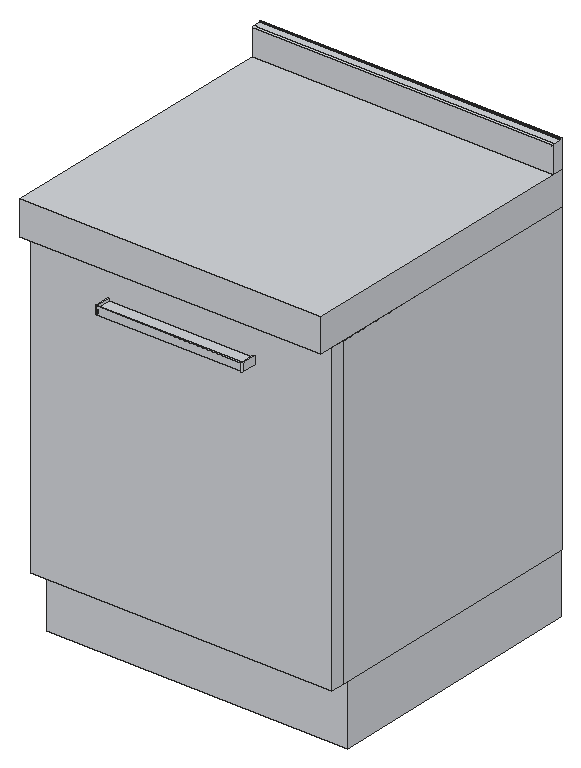
Revit family "RYN_FUR_BedCupboard", category Casework, Revit 2025
Family settings
  Work Plane-Based = No
  Always vertical = Yes
  Cut with Voids When Loaded = No
  Shared = No
  Room Calculation Point = No
Parameters (values of type "D900 x H600 x W450 mm")
  Top Material = none
  Material = none
  Handle Material = none
  Depth = 450 mm
  Height = 600 mm
  Width = 450 mm
  Default Elevation = 0 mm
  Assembly Code = "C1030400"
Reference planes
  plane 1 "Back": y = 0
  plane 2: z = 0
  plane 3 "Center (Left/Right)": x = 44.7
  plane 4 "Front": y = -450
  plane 5 "Left": x = -180.3
  plane 6 "Right": x = 269.7
  plane 7 "Top": z = 600
  plane 8: z = 90
  plane 9: z = 550
Forms (mm)
  Extrusion 1, solid
    sketch origin (0, 0, 0) x (1, 0, 0) y (0, 1, 0)
      loop
        line (-180.3, 0) -> (-180.3, -408) -> (-158.3, -408) -> (-158.3, -22) -> (247.7, -22) -> (247.7, -408) -> (269.7, -408) -> (269.7, 0) -> (-180.3, 0)
    from 90 to 550
  Extrusion 2, solid, material <- "Material"
    sketch origin (0, 0, 0) x (1, 0, 0) y (0, 1, 0)
      loop
        line (-180.3, -430) -> (269.7, -430) -> (269.7, -408) -> (-180.3, -408) -> (-180.3, -430)
    from 90 to 550
  Extrusion 3, solid, material <- "Top Material"
    sketch origin (0, 0, 600) x (0, -1, 0) y (-1, 0, 0)
      loop
        line (0, 180.3) -> (0, -269.7) -> (450, -269.7) -> (450, 180.3) -> (0, 180.3)
    from 0 to 50
  Extrusion 4, solid, material <- "Material"
    sketch origin (0, 0, 600) x (0, -1, 0) y (-1, 0, 0)
      loop
        line (0.534, 180.3) -> (0.534, -269.7) -> (400.534, -269.7) -> (400.534, 180.3) -> (0.534, 180.3)
    from 510 to 600
  Sweep 5, solid, material <- "Top Material"
    path origin (0, 0, 600) x (0, -1, 0) y (1, 0, 0)
      loop
        line (0, 269.7) -> (0, -180.3)
    profile origin (44.7, 0, 0) x (0, -1, 0) y (0, 0, 1)
      loop
        line (0, 600) -> (15, 600) -> (15, 638)
        arc (15, 638) -> (14.414, 639.414) -> (13, 640) r 2
        line (13, 640) -> (1.504, 640) -> (1.504, 642.003) -> (0, 642.003) -> (0, 600)
Dimensions and locks
  "Width": plane 6 "Right" to plane 5 "Left"
  equal spacing: plane 6 "Right", plane 3 "Center (Left/Right)", plane 5 "Left"
  "Depth": plane 4 "Front" to plane 1 "Back"
  "Height": level to plane 7 "Top"
  locked: Extrusion 1 sketch curve to Extrusion 1 sketch curve at 22  (x3)
  locked: plane 8 to level at 90
  locked: plane 7 "Top" to plane 9 at 50
  equal spacing: plane 5 "Left", nested 1, plane 6 "Right"
  locked: plane 9 to nested 1 at 62.82
  aligned and locked: Extrusion 1 sketch curve to plane 6 "Right"
  aligned and locked: plane 1 "Back" to Extrusion 1 sketch curve
  aligned and locked: plane 5 "Left" to Extrusion 1 sketch curve
  aligned and locked: Extrusion 2 to plane 9
  aligned and locked: Extrusion 1 to plane 9
  aligned and locked: plane 8 to Extrusion 2
  aligned and locked: plane 8 to Extrusion 1
  aligned and locked: Extrusion 4 to Extrusion 1
  aligned and locked: Extrusion 2 to nested 1
  aligned and locked: Extrusion 4 to level
Automatic sketch dimensions
  Extrusion 3 sketch curve to plane 1 "Back" = 0 mm
  Extrusion 3 sketch curve to plane 4 "Front" = 0 mm
  Extrusion 3 sketch curve to plane 5 "Left" = 0 mm
  Extrusion 3 sketch curve to plane 6 "Right" = 0 mm
  plane 1 "Back" to Extrusion 4 sketch curve = 0.534 mm
  Extrusion 4 sketch curve to plane 5 "Left" = 0 mm
  Extrusion 4 sketch curve to plane 6 "Right" = 0 mm
  Extrusion 4 sketch curve to plane 4 "Front" = 49.466 mm
  Sweep 5 sketch curve to plane 1 "Back" = 0 mm
  Sweep 5 sketch curve to plane 5 "Left" = 0 mm
  Sweep 5 sketch curve to plane 6 "Right" = 0 mm
  Sweep 5 sketch curve to profile plane = 0 mm  (x2)
  Sweep 5 sketch curve to profile plane = 1.504 mm
  Sweep 5 sketch curve to Sweep 5 sketch curve = 11.496 mm
  Sweep 5 sketch curve to profile plane = 15 mm
  profile plane to Sweep 5 sketch curve = 38 mm
  Sweep 5 sketch curve to Sweep 5 sketch curve = 2.003 mm
  Extrusion 1 sketch curve to plane 4 "Front" = 42 mm  (x2)
  Extrusion 2 sketch curve to plane 5 "Left" = 0 mm
  Extrusion 2 sketch curve to plane 4 "Front" = 20 mm
  Extrusion 2 sketch curve to Extrusion 2 sketch curve = 22 mm
  Extrusion 2 sketch curve to plane 6 "Right" = 0 mm
Nested families
  nested 1: "Casework Handle" at (319.577, -453, 487.18), type "220 x 23mm"
Definition of nested family "Casework Handle"
  Parameters
    Material = none
    Default Elevation = 0 mm
  Reference planes
    plane 1 "Center (Front/Back)": y = 0
    plane 2: z = 0
    plane 3 "Center (Left/Right)": x = -274.877
    plane 4: x = -384.877
    plane 5: x = -164.877
    plane 6: y = 23
    plane 7: z = 12
  Forms (mm)
    Sweep 1, solid, material <- "Material"
      path origin (0, 0, 0) x (1, 0, 0) y (0, 1, 0)
        loop
          line (-384.877, 23) -> (-384.877, 2.5)
          arc (-384.877, 2.5) -> (-384.145, 0.732) -> (-382.377, 0) r 2.5
          line (-382.377, 0) -> (-167.377, 0)
          arc (-167.377, 0) -> (-165.609, 0.732) -> (-164.877, 2.5) r 2.5
          line (-164.877, 2.5) -> (-164.877, 23)
      profile origin (0, 12.75, 0) x (1, 0, 0) y (0, 0, 1)
        loop
          line (-384.877, 0) -> (-382.877, 0) -> (-382.877, 12) -> (-384.877, 12) -> (-384.877, 0)
    Extrusion 2, solid, material <- "Material"
      sketch origin (0, 0, 0) x (1, 0, 0) y (0, 1, 0)
        loop
          arc (-382.877, 2.5) -> (-382.731, 2.146) -> (-382.377, 2) r 0.5
          line (-382.377, 2) -> (-167.377, 2)
          arc (-167.377, 2) -> (-167.023, 2.146) -> (-166.877, 2.5) r 0.5
          line (-166.877, 2.5) -> (-166.877, 23) -> (-382.877, 23) -> (-382.877, 2.5)
      from 2.765 to 9.254
  Dimensions and locks
    equal spacing: plane 4, plane 3 "Center (Left/Right)", plane 5
